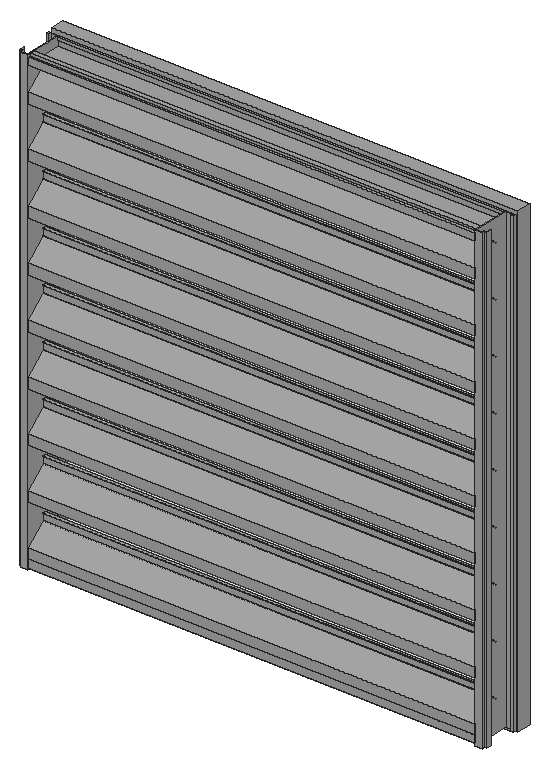
Revit family
Parameters (values of type "436")
  Weight = ""
  Warranty = "All materials and workmanship are warranted for a period of 1 year from date of completion."  # constant formula
  URL = "http://www.industriallouvers.com"
  Surface Finish = "Anodized, Baked Enamel or Kynar finish"  # constant formula
  Support Material = Aluminum
  Subcategory = "Extruded Sightproof"  # constant formula
  Static Pressure Loss = ""
  Specifications  URL = "http://www.industriallouvers.com/downloads/Extruded%20Sightproof/436-H_SD.doc"
  Screen Material = Screen Material
  SMARTBIM URL = "http://www.SMARTBIM.com"
  SMARTBIM Object Version = 3  # constant formula
  SMARTBIM Object Created By = "SMARTBIM, LLC"  # constant formula
  SMARTBIM Contact = "mailto:SMARTBIM@SMARTBIM.com"
  Product Submittal URL = "http://www.industriallouvers.com/downloads/Extruded%20Sightproof/436-H_PS.pdf"
  Product Page URL = "http://www.industriallouvers.com/lv_es.php"
  Number of Blades [instance] = (Louver Height - 0' 5 1/2") / 0' 5"  # 9
  Model = "436"  # constant formula
  Minimum Height = 1' - 0"  # constant formula
  Maximum Water Penetration = ""
  Maximum Size - Single Section [instance] = "One dimension not to exceed 72\" x 120\""
  Material = "Extruded aluminum, 6063-T6"  # constant formula
  Manufacturer Toll Free Phone = "1-800-328-3421"  # constant formula
  Manufacturer Phone = "763-972-2981"  # constant formula
  Manufacturer Fax = "763-972-2911"  # constant formula
  Manufacturer Email = "mailto:ilinfo@industriallouvers.com"
  Manufacturer Address = "511 S. 7th Street, Delano, MN 55328"  # constant formula
  Manufacturer = "Industrial Louvers, Inc."  # constant formula
  Maintenance = "http://www.industriallouvers.com/prod-forms/Maintenance%20Instructions.pdf"
  Louver Width [instance] = 4' - 0"
  Louver Height [instance] = 4' - 0"
  Installation URL = "http://www.industriallouvers.com/downloads/Extruded%20Sightproof/436-H_II.pdf"
  Height [instance] = if(Louver Height < 1' 0", 1' 0", Louver Height)  # 4' - 0"
  Free Area for 48”x48” Louver = "38.3%"  # constant formula
  Free Area (ft²) for 48" x 48" Louver = "6.12"  # constant formula
  Frame Material = Aluminum
  Description = "Extruded Sightproof"  # constant formula
  Depth = 0' - 4"  # constant formula
  Default Elevation = 4' - 0"
  Cost Info = "Contact Factory"  # constant formula
  CAD Drawings = "http://www.industriallouvers.com/downloads/Extruded%20Sightproof/436_ACD.dwg"
  Blade Width [instance] = Louver Width - 0' 1 1/2"  # 3' - 10 1/2"
  Blade Start Height [instance] = (Louver Height - 0' 4 1/2" - Blade Region Height) / 2  # 0' - 1 3/4"
  Blade Region Height [instance] = (Blade Count - 1) * 0' 5"  # 3' - 4"
  Blade Material = Aluminum
  Blade Count [instance] = if(((Louver Height - 0' 5 1/2") / 0' 5") < 2, 2, (Louver Height - 0' 5 1/2") / 0' 5")  # 9
  Assembly Code = "B2010300"
  95 CSI = "10200"  # constant formula
  04 CSI = "08 91 00"  # constant formula
Reference planes (in)
  plane 1 "Center (Front/Back)": y = 0
  plane 2: z = 0
  plane 3 "Center (Left/Right)": x = 0
  plane 4: x = -24
  plane 5: x = 24
  plane 6: x = -23.25
  plane 7: x = 23.25
  plane 8 "Back of Blade": y = 2
  plane 9: z = 1.75
  plane 10: z = 41.75
  plane 11: z = 48.5
  plane 12 "Back of Screen": y = 2.345
  plane 13: z = 47
  plane 14: z = 1.5
  plane 15: y = 2.47
  plane 16: z = 48.375
  plane 17: z = 0.125
  plane 18: y = 3.845
  plane 19 "Front of Louver": y = -2
  plane 20: z = 48.25
  plane 21: z = 0.25
  plane 22: z = 21.75
  plane 23: x = -24.25
  plane 24: x = 24.25
  plane 25: z = 48
Forms (in)
  Extrusion 1, solid, material "Aluminum" <- "Blade Material"
    sketch origin (0, -24, 12.25956) x (0, 1, 0) y (0, 0, 1)
      loop
        line (26, 34.99044) -> (26, 35.99044) -> (25.75, 35.99044) -> (25.75, 35.74044) -> (25.919, 35.74044) -> (25.919, 35.07044) -> (22.08, 35.07044) -> (22.08, 35.66044) -> (22.33, 35.66044) -> (22.33, 35.94044) -> (22.75, 35.94044) -> (22.75, 35.99044) -> (22.25, 35.99044) -> (22.25, 35.74044) -> (22, 35.74044) -> (22, 34.99044) -> (26, 34.99044)
    from -23.25 to 23.25
  Sweep 2, solid, material "Aluminum" <- "Support Material"
    path origin (0, 0, 0) x (1, 0, 0) y (0, 0, 1)
      loop
        line (-24.25, 48.5) -> (-24.25, 0) -> (24.25, 0) -> (24.25, 48.5) -> (-24.25, 48.5)
    profile origin (0, 0, 48.5) x (0, 0, 1) y (0, -1, 0)
      loop
        line (-1.5, -2.345) -> (-1.5, -2.47) -> (-0.125, -2.47) -> (-0.125, -3.845) -> (0, -3.845) -> (0, -2.345) -> (-1.5, -2.345)
  Extrusion 3, solid, material "Aluminum" <- "Frame Material"
    sketch origin (-10, 22.75594, 29.61826) x (1, 0, 0) y (0, 1, 0)
      loop
        line (33.331, -20.83694) -> (34, -20.83694) -> (34, -21.00594) -> (34.25, -21.00594) -> (34.25, -20.75594) -> (33.25, -20.75594) -> (33.25, -24.75594) -> (34, -24.75594) -> (34, -24.50594) -> (34.25, -24.50594) -> (34.25, -24.00594) -> (34.2, -24.00594) -> (34.2, -24.42594) -> (33.92, -24.42594) -> (33.92, -24.67594) -> (33.331, -24.67594) -> (33.331, -20.83694)
    from -29.36826 to 18.63174
  Extrusion 4, solid, material "Aluminum" <- "Frame Material"
    sketch origin (10, -22.75594, 29.61826) x (-1, 0, 0) y (0, -1, 0)
      loop
        line (33.331, -24.67494) -> (33.331, -20.83594) -> (33.92, -20.83594) -> (33.92, -21.08594) -> (34.2, -21.08594) -> (34.2, -21.50594) -> (34.25, -21.50594) -> (34.25, -21.00594) -> (34, -21.00594) -> (34, -20.75594) -> (33.25, -20.75594) -> (33.25, -24.75594) -> (34.25, -24.75594) -> (34.25, -24.50594) -> (34, -24.50594) -> (34, -24.67494) -> (33.331, -24.67494)
    from -29.36826 to 18.63174
  Extrusion 5, solid, material "Aluminum" <- "Blade Material"
    sketch origin (0, 0, 0) x (0, 1, 0) y (0, 0, 1)
      loop
        line (2, 0.25) -> (2, 1.25) -> (-2, 1.25) -> (-2, 0.5) -> (-1.75, 0.5) -> (-1.75, 0.25) -> (-1.25, 0.25) -> (-1.25, 0.3) -> (-1.67, 0.3) -> (-1.67, 0.581) -> (-1.92, 0.581) -> (-1.92, 1.169) -> (1.919, 1.169) -> (1.919, 0.331) -> (1.75, 0.331) -> (1.75, 0.25) -> (2, 0.25)
    from -23.25 to 23.25
Cuts and joins
  joined: Extrusion 3, Extrusion 4
Dimensions and locks (in)
  equal spacing: plane 4, plane 3 "Center (Left/Right)", plane 5
  "Louver Width": plane 4 to plane 5
  locked: plane 4 to plane 6 at 0.75
  locked: plane 7 to plane 5 at 0.75
  "Blade Start Height": plane 9 to level
  "Louver Height": plane 20 to plane 21
  locked: plane 18 to plane 12 "Back of Screen" at 1.5
  locked: plane 15 to plane 12 "Back of Screen" at 0.125
  locked: plane 11 to plane 13 at 1.5
  locked: plane 11 to plane 16 at 0.125
  locked: plane 17 to level at 0.125
  locked: plane 14 to level at 1.5
  locked: plane 12 "Back of Screen" to plane 8 "Back of Blade" at 0.345
  equal spacing: plane 8 "Back of Blade", plane 1 "Center (Front/Back)", plane 19 "Front of Louver"
  locked: plane 8 "Back of Blade" to plane 19 "Front of Louver" at 4
  locked: plane 11 to plane 20 at 0.25
  locked: plane 21 to level at 0.25
  equal spacing: group 1, group 3, group 4, group 5, group 6, group 7, group 8, group 9, group 2  (x3)
  locked: plane 23 to plane 4 at 0.25
  locked: plane 5 to plane 24 at 0.25
  equal spacing: plane 10, plane 22, plane 9
  locked: plane 11 to plane 25 at 0.5
  "Blade Region Height": plane 10 to plane 9
  aligned and locked: Sweep 2 sketch curve to plane 11
  aligned and locked: Sweep 2 sketch curve to level
  aligned and locked: Sweep 2 to plane 12 "Back of Screen"
  aligned and locked: nested 1 to plane 12 "Back of Screen"
  aligned and locked: nested 1 to plane 8 "Back of Blade"
  aligned and locked: nested 1 to level
  aligned: plane 5 to Extrusion 3
  aligned: Extrusion 4 to plane 4
  aligned: plane 11 to Extrusion 3
  aligned: Extrusion 1 to plane 20
  aligned: Extrusion 1 to plane 8 "Back of Blade"
  aligned and locked: Extrusion 1 to plane 6
  aligned and locked: plane 7 to Extrusion 1
  aligned: Extrusion 3 to level
  aligned: Extrusion 4 to level
  aligned: plane 11 to Extrusion 4
  aligned and locked: plane 3 "Center (Left/Right)" to nested 2
  aligned and locked: nested 2 to plane 8 "Back of Blade"
  aligned: plane 9 to nested 2
  aligned: plane 10 to nested 3  (x2)
  aligned: plane 3 "Center (Left/Right)" to nested 1
  aligned and locked: cut or joined group of Extrusion 3, Extrusion 4 to plane 20  (x2)
  aligned and locked: plane 21 to cut or joined group of Extrusion 3, Extrusion 4  (x2)
  aligned and locked: plane 23 to Sweep 2 sketch curve
  aligned and locked: plane 24 to Sweep 2 sketch curve
  aligned and locked: plane 25 to nested 1
  aligned and locked: plane 5 to nested 1
  aligned and locked: nested 1 to plane 4
  aligned and locked: plane 7 to Extrusion 5
  aligned and locked: Extrusion 5 to plane 6
  aligned and locked: Extrusion 4 sketch curve to Extrusion 5
  aligned and locked: Extrusion 4 sketch curve to plane 23
  aligned and locked: plane 23 to Extrusion 4 sketch curve
  aligned and locked: plane 8 "Back of Blade" to Extrusion 4 sketch curve
  aligned and locked: Extrusion 4 sketch curve to plane 19 "Front of Louver"
  aligned and locked: Extrusion 4 sketch curve to plane 4
  aligned and locked: plane 24 to Extrusion 3 sketch curve
  aligned and locked: Extrusion 3 sketch curve to plane 8 "Back of Blade"
  aligned and locked: plane 7 to Extrusion 3 sketch curve
  aligned and locked: Extrusion 3 sketch curve to plane 24
  aligned and locked: Extrusion 3 sketch curve to plane 19 "Front of Louver"
  aligned and locked: Extrusion 3 sketch curve to plane 5
  aligned and locked: Extrusion 1 sketch curve to cut or joined group of Extrusion 3, Extrusion 4
  aligned and locked: nested 3 to Extrusion 1
  aligned and locked: nested 2 to Extrusion 5
Automatic sketch dimensions
  Extrusion 3 sketch curve to Extrusion 3 sketch curve = 0' - 0.169"
  Extrusion 3 sketch curve to Extrusion 3 sketch curve = 0' - 0.081"
  Extrusion 4 sketch curve to Extrusion 4 sketch curve = 0' - 0 1/4"
  Extrusion 4 sketch curve to Extrusion 4 sketch curve = 0' - 0.169"
  Extrusion 4 sketch curve to Extrusion 4 sketch curve = 0' - 0.081"
  profile plane to Sweep 2 sketch curve = 0' - 0"
  Sweep 2 sketch curve to Sweep 2 sketch curve = 0' - 0 1/8"  (x2)
  Sweep 2 sketch curve to Sweep 2 sketch curve = 0' - 1 3/8"  (x2)
  Sweep 2 sketch curve to plane 1 "Center (Front/Back)" = 0' - 3.845"
  Extrusion 1 sketch curve to plane 8 "Back of Blade" = 0' - 0"
  plane 25 to Extrusion 1 sketch curve = 0' - 0 3/4"
  Extrusion 1 sketch curve to plane 8 "Back of Blade" = 0' - 0.081"
  plane 25 to Extrusion 1 sketch curve = 0' - 0.67"
  Extrusion 5 sketch curve to plane 8 "Back of Blade" = 0' - 0.081"
  Extrusion 5 sketch curve to Extrusion 5 sketch curve = 0' - 0.169"
  Extrusion 5 sketch curve to plane 21 = 0' - 0.081"
  plane 21 to Extrusion 5 sketch curve = 0' - 0"  (x2)
  Extrusion 4 sketch curve to plane 6 = 0' - 0.081"
  plane 4 to Extrusion 4 sketch curve = 0' - 0.08"
  Extrusion 4 sketch curve to plane 19 "Front of Louver" = 0' - 0.33"
  Extrusion 4 sketch curve to plane 19 "Front of Louver" = 0' - 0.08"
  Extrusion 4 sketch curve to plane 19 "Front of Louver" = 0' - 0 1/4"
  Extrusion 4 sketch curve to plane 23 = 0' - 0.05"
  Extrusion 4 sketch curve to Extrusion 4 sketch curve = 0' - 0.42"
  plane 7 to Extrusion 3 sketch curve = 0' - 0.081"
  Extrusion 3 sketch curve to plane 5 = 0' - 0.08"
  Extrusion 3 sketch curve to plane 19 "Front of Louver" = 0' - 0.08"
  plane 24 to Extrusion 3 sketch curve = 0' - 0.05"
  Extrusion 3 sketch curve to Extrusion 3 sketch curve = 0' - 0.42"
  Extrusion 3 sketch curve to plane 19 "Front of Louver" = 0' - 0 1/4"
  Extrusion 3 sketch curve to Extrusion 3 sketch curve = 0' - 0.08"
  Extrusion 3 sketch curve to plane 5 = 0' - 0"
  Extrusion 5 sketch curve to plane 21 = 0' - 0.05"
  Extrusion 5 sketch curve to Extrusion 5 sketch curve = 0' - 0.42"
  Extrusion 5 sketch curve to Extrusion 5 sketch curve = 0' - 0.17"
  Extrusion 5 sketch curve to Extrusion 5 sketch curve = 0' - 0.08"
  Extrusion 5 sketch curve to Extrusion 5 sketch curve = 0' - 0.2"
  Extrusion 5 sketch curve to Extrusion 5 sketch curve = 0' - 0.081"  (x2)
  Extrusion 5 sketch curve to plane 14 = 0' - 0.331"
  Extrusion 5 sketch curve to plane 19 "Front of Louver" = 0' - 0.08"
  Extrusion 5 sketch curve to plane 19 "Front of Louver" = 0' - 0"
  Extrusion 5 sketch curve to plane 8 "Back of Blade" = 0' - 0"
  Extrusion 1 sketch curve to plane 19 "Front of Louver" = 0' - 0"
  Extrusion 1 sketch curve to Extrusion 1 sketch curve = 0' - 0.08"  (x2)
  plane 20 to Extrusion 1 sketch curve = 0' - 0.05"
  plane 25 to Extrusion 1 sketch curve = 0' - 0.08"
  Extrusion 1 sketch curve to Extrusion 1 sketch curve = 0' - 0.42"
  Extrusion 1 sketch curve to plane 25 = 0' - 0"
  Extrusion 1 sketch curve to plane 19 "Front of Louver" = 0' - 0 1/4"
  plane 20 to Extrusion 1 sketch curve = 0' - 0"  (x2)
  plane 25 to Extrusion 1 sketch curve = 0' - 0"
Nested families (in)
  nested 1: "Louver Screen" at (18, 2, 0), type "Louver Screen"
    with Width 4' - 0", Height 4' - 0", Depth 0' - 0.345"
  nested 2: "Louver-Blade_450XP_IndustrialLouver" at (0, 2, 1.25), type "Louver-Blade_450XP_IndustrialLouver"
  nested 3: "Louver-Blade_450XP_IndustrialLouver" at (0, 2, 43.68406), type "Louver-Blade_450XP_IndustrialLouver"
  nested 4: "Louver-Blade_450XP_IndustrialLouver" at (0, 2, 6.55426), type "Louver-Blade_450XP_IndustrialLouver"
  nested 5: "Louver-Blade_450XP_IndustrialLouver" at (0, 2, 11.85851), type "Louver-Blade_450XP_IndustrialLouver"
  nested 6: "Louver-Blade_450XP_IndustrialLouver" at (0, 2, 17.16277), type "Louver-Blade_450XP_IndustrialLouver"
  nested 7: "Louver-Blade_450XP_IndustrialLouver" at (0, 2, 22.46703), type "Louver-Blade_450XP_IndustrialLouver"
  nested 8: "Louver-Blade_450XP_IndustrialLouver" at (0, 2, 27.77129), type "Louver-Blade_450XP_IndustrialLouver"
  nested 9: "Louver-Blade_450XP_IndustrialLouver" at (0, 2, 33.07554), type "Louver-Blade_450XP_IndustrialLouver"
  nested 10: "Louver-Blade_450XP_IndustrialLouver" at (0, 2, 38.3798), type "Louver-Blade_450XP_IndustrialLouver"
Connectors (in)
  hvac at (0, 2.345, 24), driven by "Louver Height", driven by "Louver Width"
    settings: on nested 1, index 1, duct flow 0 CFM, flow factor 0, pres drop 0.00 in-wg, loss coef 0, conn angle 0.00°, conn width 48", conn height 48", conn radius 12", duct sys type 1, conn prof type 1, flow config 0, flow direction 0, loss method 0, conn ref index -1, conn util no, is conn primary yes, conn desc ""
Definition of nested family "Louver Screen"
  Parameters (values of type "Louver Screen")
    Width [instance] = 2' - 0"
    Screen Frame = Aluminum
    Screen = Screen Material
    Height [instance] = 2' - 0"
    Depth [instance] = 0' - 0 115/256"
    Assembly Code = ""
  Reference planes (in)
    plane 1 "Front": y = 0
    plane 2: z = 0
    plane 3 "Center (Left/Right)": x = -18
    plane 4: x = -30
    plane 5: x = -6
    plane 6: z = 24
    plane 7: x = -29.25
    plane 8: x = -6.75
    plane 9: z = 23.25
    plane 10: z = 0.75
    plane 11 "Back": y = 0.44922
    plane 12 "Center (Front/Back)": y = 0.22461
    plane 13: y = 0.19336
    plane 14: y = 0.25586
  Forms (in)
    Sweep 1, solid, material "Aluminum" <- "Screen Frame"
      path origin (0, 0, 0) x (1, 0, 0) y (0, 0, 1)
        loop
          line (-30, 24) -> (-30, 0) -> (-6, 0) -> (-6, 24) -> (-30, 24)
      profile origin (-18, 0, 24) x (0, 0, 1) y (0, -1, 0)
        loop
          line (0, 0) -> (-0.75, 0) -> (-0.75, -0.44922) -> (0, -0.44922) -> (0, 0)
    Extrusion 2, solid, material "Screen Material" <- "Screen"
      sketch origin (0, 0, 0) x (1, 0, 0) y (0, 0, 1)
        loop
          line (-29.25, 0.75) -> (-6.75, 0.75) -> (-6.75, 23.25) -> (-29.25, 23.25) -> (-29.25, 0.75)
      from -0.19336 to -0.25586
  Dimensions and locks (in)
    equal spacing: plane 4, plane 3 "Center (Left/Right)", plane 5
    "Width": plane 4 to plane 5
    locked: Sweep 1 sketch curve to Sweep 1 sketch curve at 0.75
    locked: plane 6 to plane 9 at 0.75
    locked: plane 4 to plane 7 at 0.75
    locked: plane 5 to plane 8 at 0.75
    locked: plane 10 to level at 0.75
    "Depth": plane 1 "Front" to plane 11 "Back"
    equal spacing: plane 1 "Front", plane 12 "Center (Front/Back)", plane 11 "Back"
    plane 14 to plane 12 "Center (Front/Back)" to plane 13 = 0' - 0 1/32" locked, 0' - 0 1/32" locked
    "Height": plane 6 to plane 2
    aligned and locked: Sweep 1 sketch curve to plane 6
    aligned and locked: Sweep 1 sketch curve to plane 4
    aligned and locked: Sweep 1 sketch curve to level
    aligned and locked: Sweep 1 sketch curve to plane 5
    aligned and locked: Extrusion 2 sketch curve to plane 7
    aligned and locked: Extrusion 2 sketch curve to plane 9
    aligned and locked: Extrusion 2 sketch curve to plane 10
    aligned and locked: Extrusion 2 sketch curve to plane 8
    aligned and locked: plane 11 "Back" to Sweep 1
    aligned and locked: plane 1 "Front" to Sweep 1 sketch curve
    aligned and locked: plane 11 "Back" to Sweep 1 sketch curve
    aligned and locked: plane 14 to Extrusion 2
    aligned and locked: Extrusion 2 to plane 13
    aligned and locked: plane 2 to level
  Automatic sketch dimensions
    profile plane to Sweep 1 sketch curve = 0' - 0"
Definition of nested family "Louver-Blade_450XP_IndustrialLouver"
  Parameters (values of type "Louver-Blade_450XP_IndustrialLouver")
    Width = 3' - 10 1/2"
    Blade Material = Aluminum
    Assembly Code = ""
  Reference planes (in)
    plane 1 "Center (Front/Back)": y = 0
    plane 2: z = 0
    plane 3 "Center (Left/Right)": x = 0
    plane 4: x = -23.25
    plane 5: x = 23.25
    plane 6: z = 3.56594
    plane 7: z = 2.59135
  Forms (in)
    Extrusion 1, solid, material "Aluminum" <- "Blade Material"
      sketch origin (0, 0, -3.44043) x (0, 1, 0) y (0, 0, 1)
        loop
          line (-1.92983, 7.00637) -> (-2.17983, 7.00637) -> (-2.17983, 6.93315) -> (-2.01083, 6.93315) -> (-2.01083, 6.1959)
          arc (-2.01083, 6.1959) -> (-3.02049, 5.35895) -> (-4, 4.4869) r 37.1622
          line (-4, 4.4869) -> (-4, 3.44058) -> (-3.92, 3.52058) -> (-3.92, 4.45047)
          arc (-3.92, 4.45047) -> (-2.95477, 5.30862) -> (-1.96024, 6.13264) r 37.0812
          arc (-1.96024, 6.13264) -> (-0.94799, 5.24025) -> (-0.24026, 4.09129) r 4.57299
          line (-0.24026, 4.09129) -> (-0.081, 4.09129) -> (-0.081, 3.61759) -> (0, 3.67229) -> (0, 4.17229) -> (-0.18713, 4.17229)
          arc (-0.18713, 4.17229) -> (-0.90862, 5.31904) -> (-1.92983, 6.2094) r 4.65399
          line (-1.92983, 6.2094) -> (-1.92983, 7.00637)
      from -23.25 to 23.25
  Dimensions and locks (in)
    equal spacing: plane 4, plane 3 "Center (Left/Right)", plane 5
    "Width": plane 4 to plane 5
    aligned and locked: Extrusion 1 to plane 4
    aligned and locked: plane 5 to Extrusion 1
    aligned and locked: plane 6 to Extrusion 1
  Automatic sketch dimensions
    Extrusion 1 sketch curve to Extrusion 1 sketch curve = 0' - 0"  (x4)
    Extrusion 1 sketch curve to plane 1 "Center (Front/Back)" = 0' - 0"
    plane 1 "Center (Front/Back)" to Extrusion 1 sketch curve = 0' - 0.081"
    Extrusion 1 sketch curve to Extrusion 1 sketch curve = 0' - 0.10613"
    Extrusion 1 sketch curve to Extrusion 1 sketch curve = 0' - 0.05313"
    plane 1 "Center (Front/Back)" to Extrusion 1 sketch curve = 0' - 1.92983"
    Extrusion 1 sketch curve to Extrusion 1 sketch curve = 0' - 0.03042"
    Extrusion 1 sketch curve to Extrusion 1 sketch curve = 0' - 0.05058"
    Extrusion 1 sketch curve to Extrusion 1 sketch curve = 0' - 0.169"
    level to Extrusion 1 sketch curve = 0' - 0.08015"
    Extrusion 1 sketch curve to Extrusion 1 sketch curve = 0' - 1.95976"
    Extrusion 1 sketch curve to Extrusion 1 sketch curve = 0' - 0.08"
    Extrusion 1 sketch curve to Extrusion 1 sketch curve = 0' - 0.44511"
    Extrusion 1 sketch curve to plane 1 "Center (Front/Back)" = 1' - 9.19698"
    level to Extrusion 1 sketch curve = 0' - 0.00015"
    Extrusion 1 sketch curve to level = 0' - 1.14676"
    Extrusion 1 sketch curve to level = 2' - 2.26911"
    level to Extrusion 1 sketch curve = 0' - 0.17716"
    Extrusion 1 sketch curve to Extrusion 1 sketch curve = 0' - 0 7/128"
    Extrusion 1 sketch curve to Extrusion 1 sketch curve = 0' - 0.419"
    Extrusion 1 sketch curve to Extrusion 1 sketch curve = 0' - 0.081"
    Extrusion 1 sketch curve to Extrusion 1 sketch curve = 0' - 0.03642"
    Extrusion 1 sketch curve to Extrusion 1 sketch curve = 0' - 0.72375"
    Extrusion 1 sketch curve to Extrusion 1 sketch curve = 0' - 0.07322"
